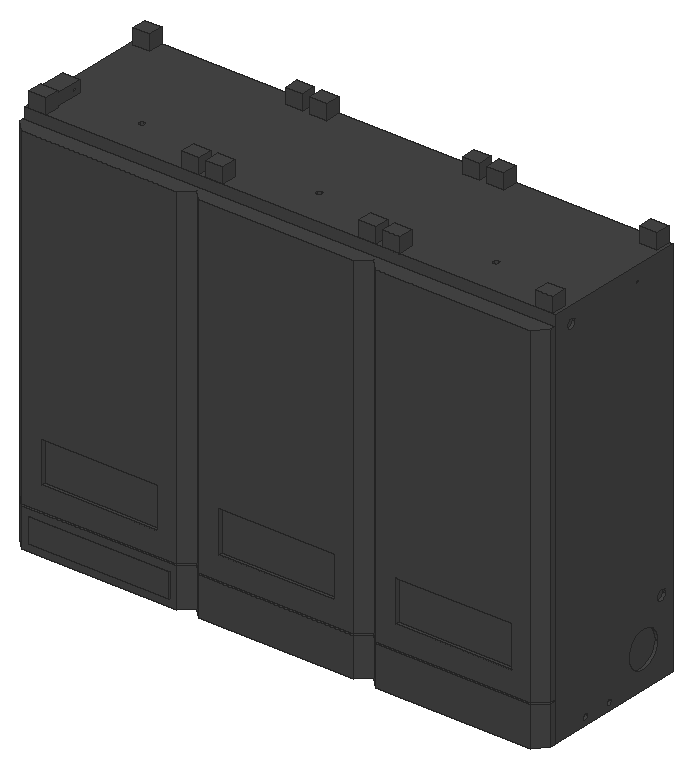
Revit family "SPG1012-3_Revit", category Mechanical Equipment, Revit 2014 (continued)
Connectors (in)
  electrical at (-32.67942, 36.81598, -35.6175)
    settings: on cut or joined group 1 (Extrusion 1, Extrusion 2, Extrusion 3, Extrusion 4, Extrusion 5, Extrusion 6, Extrusion 7, Extrusion 8, Extrusion 9, Extrusion 10, Extrusion 11, Extrusion 12, Extrusion 13, Extrusion 14, Extrusion 15, Extrusion 16, Extrusion 17, Extrusion 18, Extrusion 19, Extrusion 20, Extrusion 21, Extrusion 22, Extrusion 23, Extrusion 24, Extrusion 25, Extrusion 26, Extrusion 27, Extrusion 28, Extrusion 29, Extrusion 30, Extrusion 31, Extrusion 32, Extrusion 33, Extrusion 34, Extrusion 35, Extrusion 36, Extrusion 37, Extrusion 38, Extrusion 39, Extrusion 40, Extrusion 41, Extrusion 42, Extrusion 43, Extrusion 44, Extrusion 45, Extrusion 46, Extrusion 47, Extrusion 48), index 10, voltage 0 V, apparent load 0 VA, apparent load phase1 0 VA, apparent load phase2 0 VA, apparent load phase3 0 VA, power factor 0, load classification "Other", number of poles 1, system type 30, power factor state 1, is connector primary yes, connector utility no, sub classification motor no, connector description "Power supply inlet 7/8\"-1 3/8\" (KO)"
  electrical at (-32.67942, 40.81598, -35.6175)
    settings: on cut or joined group 1, index 11, voltage 0 V, apparent load 0 VA, apparent load phase1 0 VA, apparent load phase2 0 VA, apparent load phase3 0 VA, power factor 1, load classification "Other", number of poles 1, system type 13, power factor state 1, is connector primary no, connector utility no, sub classification motor no, connector description "Low voltage inlet 7/8\"-1 3/8\" (KO"
  hvac at (-34.24742, 46.61783, -31.7275), driven by "Connector_12_Diameter"
    settings: on cut or joined group 1, index 12, duct flow 0 CFM, flow factor 0, pres drop 0.00 in-wg, loss coef 0, conn angle 0.00°, conn width 12", conn height 12", conn diameter 0", duct sys type 3, conn prof type 0, flow config 1, flow direction 2, loss method 0, conn ref index -1, conn util no, is conn primary no, conn desc "Flue Outlet 5\" (STD)"
  hvac at (39.23958, 46.61783, -31.7275), driven by "Connector_13_Diameter"
    settings: on cut or joined group 1, index 13, duct flow 0 CFM, flow factor 0, pres drop 0.00 in-wg, loss coef 0, conn angle 0.00°, conn width 12", conn height 12", conn diameter 0", duct sys type 4, conn prof type 0, flow config 1, flow direction 1, loss method 0, conn ref index -1, conn util no, is conn primary no, conn desc "Flue Outlet 5\" (Option)"
  electrical at (39.23958, 36.81598, -35.6175)
    settings: on cut or joined group 1, index 14, voltage 0 V, apparent load 0 VA, apparent load phase1 0 VA, apparent load phase2 0 VA, apparent load phase3 0 VA, power factor 0, load classification "Other", number of poles 1, system type 30, power factor state 1, is connector primary no, connector utility no, sub classification motor no, connector description "Power supply inlet 7/8\"- 1 3/8\" (KO) (Option)"
  electrical at (39.23958, 40.81598, -35.6175)
    settings: on cut or joined group 1, index 15, voltage 0 V, apparent load 0 VA, apparent load phase1 0 VA, apparent load phase2 0 VA, apparent load phase3 0 VA, power factor 1, load classification "Other", number of poles 1, system type 13, power factor state 1, is connector primary no, connector utility no, sub classification motor no, connector description "Low Voltage Control inlet 7/8\"- 1 3/8\" (KO) (Option)"
  piping at (39.23958, 49.65698, -26.51552), driven by "Connector_16_Diameter"
    settings: on cut or joined group 1, index 16, connector diameter 0", connector inside diameter 24", connector length 0' - 0", flow factor 0, pipe flow 0 GPM, pressure drop 0.00 psi, fitting loss kfactor 0, connector angle 0.00°, fixture units 0, engagement length 0' - 0", angle of deflection 0.00°, flow configuration 1, flow direction 1, fitting loss method 0, system type 22, joint type 0, gender type 0, connector reference index -1, connector utility 0, adjustable connector no, is connector primary yes, connector description "Gas supply inlet 1 1/2\" NPT (Option)"
  piping at (-32.67942, 49.65698, -26.51552), driven by "Connector_17_Diameter"
    settings: on cut or joined group 1, index 17, connector diameter 0", connector inside diameter 24", connector length 0' - 0", flow factor 0, pipe flow 0 GPM, pressure drop 0.00 psi, fitting loss kfactor 0, connector angle 0.00°, fixture units 0, engagement length 0' - 0", angle of deflection 0.00°, flow configuration 1, flow direction 1, fitting loss method 0, system type 22, joint type 0, gender type 0, connector reference index -1, connector utility 0, adjustable connector no, is connector primary no, connector description "Gas supply inlet 1 1/2\" NPT (STD)"
  piping at (-32.17842, 36.69078, 16.2895), driven by "Connector_18_Diameter"
    settings: on cut or joined group 1, index 18, connector diameter 0", connector inside diameter 24", connector length 0' - 0", flow factor 0, pipe flow 0 GPM, pressure drop 0.00 psi, fitting loss kfactor 0, connector angle 0.00°, fixture units 0, engagement length 0' - 0", angle of deflection 0.00°, flow configuration 1, flow direction 2, fitting loss method 0, system type 16, joint type 0, gender type 0, connector reference index -1, connector utility 0, adjustable connector no, is connector primary no, connector description "Pan drip drain outlet 1/2\""
  piping at (-32.67942, 34.39098, 13.13845), driven by "Connector_19_Diameter"
    settings: on cut or joined group 1, index 19, connector diameter 0", connector inside diameter 24", connector length 0' - 0", flow factor 0, pipe flow 0 GPM, pressure drop 0.00 psi, fitting loss kfactor 0, connector angle 0.00°, fixture units 0, engagement length 0' - 0", angle of deflection 0.00°, flow configuration 1, flow direction 2, fitting loss method 0, system type 16, joint type 0, gender type 0, connector reference index -1, connector utility 0, adjustable connector no, is connector primary no, connector description "Main drain outlet 3/4\""
  piping at (-32.67942, 45.56598, 13.2945), driven by "Connector_20_Diameter"
    settings: on cut or joined group 1, index 20, connector diameter 0", connector inside diameter 24", connector length 0' - 0", flow factor 0, pipe flow 0 GPM, pressure drop 0.00 psi, fitting loss kfactor 0, connector angle 0.00°, fixture units 0, engagement length 0' - 0", angle of deflection 0.00°, flow configuration 1, flow direction 1, fitting loss method 0, system type 20, joint type 0, gender type 0, connector reference index -1, connector utility 0, adjustable connector no, is connector primary no, connector description "Water inlet 1/2\" Male NPT (STD)"
  piping at (39.23958, 34.39098, 13.13845), driven by "Connector_21_Diameter"
    settings: on cut or joined group 1, index 21, connector diameter 0", connector inside diameter 24", connector length 0' - 0", flow factor 0, pipe flow 0 GPM, pressure drop 0.00 psi, fitting loss kfactor 0, connector angle 0.00°, fixture units 0, engagement length 0' - 0", angle of deflection 0.00°, flow configuration 1, flow direction 2, fitting loss method 0, system type 16, joint type 0, gender type 0, connector reference index -1, connector utility 0, adjustable connector no, is connector primary no, connector description "Main Drain Outlet 3/4\" (Option)"
  piping at (39.23958, 45.56598, 13.2945), driven by "Connector_22_Diameter"
    settings: on cut or joined group 1, index 22, connector diameter 0", connector inside diameter 24", connector length 0' - 0", flow factor 0, pipe flow 0 GPM, pressure drop 0.00 psi, fitting loss kfactor 0, connector angle 0.00°, fixture units 0, engagement length 0' - 0", angle of deflection 0.00°, flow configuration 1, flow direction 1, fitting loss method 0, system type 20, joint type 0, gender type 0, connector reference index -1, connector utility 0, adjustable connector no, is connector primary no, connector description "Water inlet 1/2\" Male NPT (Option)"
